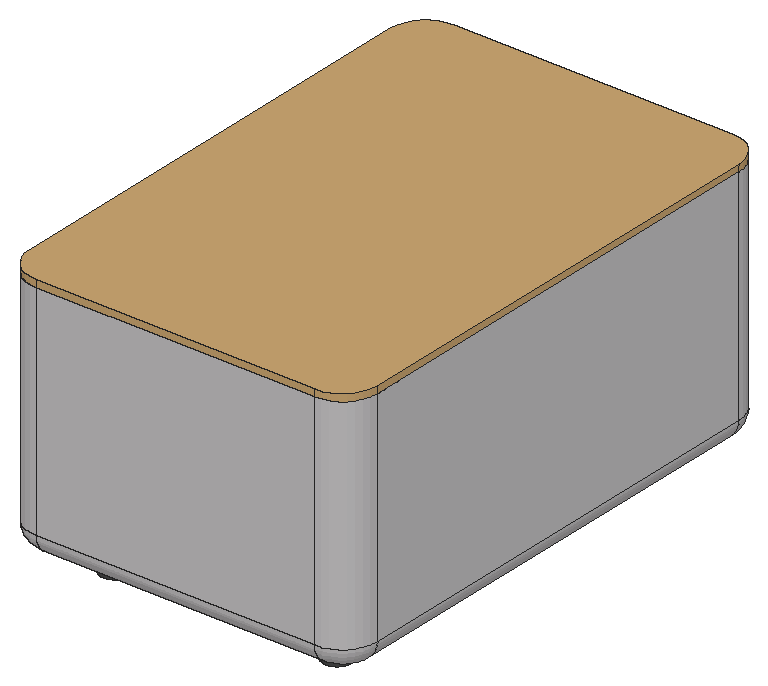
Revit family "FU_Chair_Sandler_ENTROPY_ENT0910RO", category Furniture, Revit 2020
Family settings
  OmniClass Number = 23.21.23.15.17
  Work Plane-Based = Yes
  Always vertical = No
  Cut with Voids When Loaded = No
  Shared = No
  Room Calculation Point = No
Parameters (values of type "ENTROPY ENT0910RO")
  Youtube clip = ""
  Width = 500.000 mm
  Uniformat II Description = "Movable Furnishings"
  Uniformat II Code = ""
  Uniclass 2015 Name = ""
  Uniclass 2015 Code = ""
  Uniclass 2.0 Description = ""
  Uniclass 2.0 Code = ""
  Uniclass 1.4 Description = ""
  Uniclass 1.4 Code = ""
  UNSPSC Code = ""
  Technical description = ""
  Seat Material = Leather - Gaja - 60005
  Frame Material = Steel - Frame - Black
  Region South America = "All"
  Region Oceania = "All"
  Region North America = "All"
  Region Middle East = "All"
  Region Europe = "All"
  Region Asia = "All"
  Region Antarctica = "All"
  Region Africa = "All"
  QR code = ""
  Product url = "https://www.sandlerseating.com/product/ent0910ro/"
  Product name = ""
  Product group = "Chair"
  Product family = "Furniture"
  Product data url = "https://www.sandlerseating.com/product/ent0910ro/"
  Product certification = ""
  Product SKU = ""
  Product Guid = ""
  OmniClass Description = ""
  OmniClass Code = "23-21 23 15 17"
  NBS Reference Description = ""
  NBS Reference Code = ""
  Model = "ENTROPY ENT0910RO"
  Masterformat 2014 Description = "Chair Mats"
  Masterformat 2014 Code = "12 48 43.13"
  Manufacturer name = "Sandler"
  Manufacturer country = "UK"
  Manufacturer = "Sandler"
  Installation instructions = ""
  IFC Classification = "Furnishing Element"
  GTIN code = ""
  Edition number = 1
  Design country = "UK"
  Description = "Chair"
  Depth = 750.000 mm
  Default Elevation = 0.000 mm
  Date of publishing = ""
  COBIe Type Category = ""
  Brand url = "https://www.sandlerseating.com/"
  BIMobject main category code = "furniture"
  BIMobject main category = "Furniture"
  BIMobject category code = "furniture-chair"
  BIMobject category = "Chair"
Reference planes
  plane 1 "Center Front/Back": y = 0
  plane 2: z = 0
  plane 3 "Center Left/Right": x = 0
  plane 4: y = 375
  plane 5: y = -375
  plane 6: x = -250
  plane 7: x = 250
  plane 8: z = 400
  plane 9: z = 40
  plane 10: x = -212.5
  plane 11: x = 212.5
  plane 12: y = -337.5
  plane 13: y = 337.5
  plane 14: z = 390
  plane 15: x = 240
  plane 16: z = 390
Forms (mm)
  Extrusion 1, solid, material "Leather - Gaja - 60005" <- "Seat Material"
    sketch origin (0, 0, 0) x (1, 0, 0) y (0, 1, 0)
      loop
        arc (-200, 375) -> (-235.355, 360.355) -> (-250, 325) r 50
        line (-250, 325) -> (-250, -325)
        arc (-250, -325) -> (-235.355, -360.355) -> (-200, -375) r 50
        line (-200, -375) -> (200, -375)
        arc (200, -375) -> (235.355, -360.355) -> (250, -325) r 50
        line (250, -325) -> (250, 325)
        arc (250, 325) -> (235.355, 360.355) -> (200, 375) r 50
        line (200, 375) -> (-200, 375)
    from 40 to 390
  Extrusion 2, solid, material "Steel - Frame - Black" <- "Frame Material"
    sketch origin (0, 0, 0) x (1, 0, 0) y (0, 1, 0)
      loop
        circle (-160, -285) r 20
      loop
        circle (160, -285) r 20
      loop
        circle (-160, 285) r 20
      loop
        circle (160, 285) r 20
    from 0 to 40
  Sweep 3, void
    path in 3D
      loop
        arc (250, -325, 40) -> (235.355, -360.355, 40) -> (200, -375, 40) r 50
        line (200, -375, 40) -> (-200, -375, 40)
        arc (-200, -375, 40) -> (-235.355, -360.355, 40) -> (-250, -325, 40) r 50
        line (-250, -325, 40) -> (-250, 325, 40)
        arc (-250, 325, 40) -> (-235.355, 360.355, 40) -> (-200, 375, 40) r 50
        line (-200, 375, 40) -> (200, 375, 40)
        arc (200, 375, 40) -> (235.355, 360.355, 40) -> (250, 325, 40) r 50
        line (250, 325, 40) -> (250, -325, 40)
    profile origin (250, 0, 40) x (-1, 0, 0) y (0, 0, -1)
      loop
        line (0, 0) -> (0, -30)
        arc (0, -30) -> (8.787, -8.787) -> (30, 0) r 30
        line (30, 0) -> (0, 0)
  Extrusion 4, solid, material "Wood - OAK - Natual OAK"
    sketch origin (0, 0, 0) x (1, 0, 0) y (0, 1, 0)
      loop
        arc (-200, 375) -> (-235.355, 360.355) -> (-250, 325) r 50
        line (-250, 325) -> (-250, -325)
        arc (-250, -325) -> (-235.355, -360.355) -> (-200, -375) r 50
        line (-200, -375) -> (200, -375)
        arc (200, -375) -> (235.355, -360.355) -> (250, -325) r 50
        line (250, -325) -> (250, 325)
        arc (250, 325) -> (235.355, 360.355) -> (200, 375) r 50
        line (200, 375) -> (-200, 375)
    from 390 to 400
Cuts and joins
  Sweep 3 cuts Extrusion 1
Lines and regions (mm)
  sketch lines
    curve 1: line (250, 325, 40) -> (250, -325, 40)
    curve 2: arc (250, 325, 40) -> (235.355, 360.355, 40) -> (200, 375, 40) r 50
    curve 3: line (-200, 375, 40) -> (200, 375, 40)
    curve 4: arc (-200, 375, 40) -> (-235.355, 360.355, 40) -> (-250, 325, 40) r 50
    curve 5: line (-250, -325, 40) -> (-250, 325, 40)
    curve 6: arc (-250, -325, 40) -> (-235.355, -360.355, 40) -> (-200, -375, 40) r 50
    curve 7: line (200, -375, 40) -> (-200, -375, 40)
    curve 8: arc (200, -375, 40) -> (235.355, -360.355, 40) -> (250, -325, 40) r 50
Dimensions and locks
  equal spacing: plane 4, plane 1 "Center Front/Back", plane 5
  "Depth": plane 4 to plane 5
  equal spacing: plane 6, plane 3 "Center Left/Right", plane 7
  "Width": plane 6 to plane 7
  locked: plane 11 to plane 7 at 37.5
  locked: plane 6 to plane 10 at 37.5
  locked: plane 4 to plane 13 at 37.5
  locked: plane 12 to plane 5 at 37.5
  aligned and locked: level to plane 2
  aligned and locked: Extrusion 1 sketch curve to plane 4
  aligned and locked: plane 5 to Extrusion 1 sketch curve
  aligned and locked: Extrusion 1 sketch curve to plane 7
  aligned and locked: plane 4 to Extrusion 4
  aligned and locked: Extrusion 4 to plane 5
  aligned and locked: plane 7 to Extrusion 4
  aligned and locked: Extrusion 4 to plane 6
Automatic sketch dimensions
  Extrusion 1 sketch curve to plane 4 = 50.000 mm
  plane 10 to Extrusion 1 sketch curve = 12.500 mm  (x2)
  Extrusion 1 sketch curve to plane 11 = 12.500 mm  (x2)
  Extrusion 1 sketch curve to plane 6 = 0.000 mm
  plane 10 to Extrusion 2 sketch curve = 52.500 mm  (x2)
  Extrusion 2 sketch curve to plane 11 = 52.500 mm  (x2)
  plane 12 to Extrusion 2 sketch curve = 52.500 mm  (x2)
  Extrusion 2 sketch curve to plane 13 = 52.500 mm  (x2)
  Sweep 3 sketch curve to profile plane = 0.000 mm  (x2)
  Sweep 3 sketch curve to profile plane = 30.000 mm
  Extrusion 4 sketch curve to plane 6 = 0.000 mm
  Extrusion 4 sketch curve to plane 4 = 0.000 mm
  Extrusion 4 sketch curve to plane 5 = 0.000 mm
  Extrusion 4 sketch curve to plane 7 = 0.000 mm
  plane 10 to Extrusion 4 sketch curve = 12.500 mm  (x2)
  Extrusion 4 sketch curve to plane 11 = 12.500 mm  (x2)
  radius of Extrusion 2 sketch curve = 20.000 mm  (x4)
